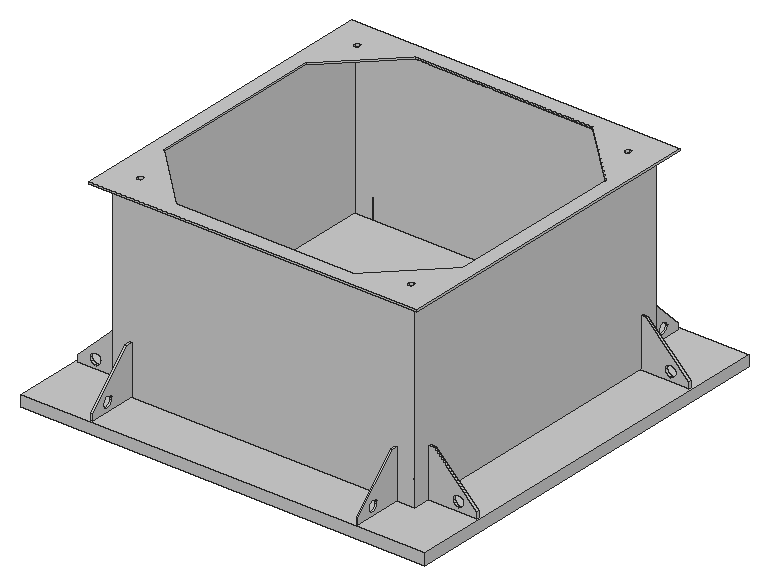
Revit family "СМ-ВО", category Арматура воздуховодов, Revit 2021
Family settings
  Размер круглого соединителя = Использовать диаметр
  Тип детали = Присоединяется
  На основе рабочей плоскости = Нет
  Всегда вертикально = Да
  При загрузке вырезать с полостями = Нет
  Общий = Нет
Parameters (values of type "СМ-ВО-0010-560/630")
  Фаска = D / 4  # 208.75 mm
  Отметка по умолчанию = 0 mm
  Косынка = Dy - 100 mm  # 730 mm
  Вес = "66.5 кг"
  Maintenance zone material = none
  Load Classification = "HVAC"
  Grid Material = Условный материал-отделка
  Dy = 830 mm
  D = Dy + 5 mm  # 835 mm
  Casing Material = Условный материал-отделка
  C = 1120 mm
  B = 910 mm
  A = 750 mm
  09_System_Name [instance] = ""
  00_20_Type = "СМ-ВО-0010-560/630"
  00_20_Name = "Монтажний стакан"
  00_20_Manufacturer = "Вентс"  # constant formula
Types (9, lengths in mm): name | Фаска | Косынка | Вес | Dy | D | C | B | A | 00_20_Type
  (no name) | 208.75 | 730 | "66.5 кг" | 830 | 835 | 1120 | 910 | 750 | "СМ-ВО-0010-560/630"
  СМ-ВО-0010-315/355 | 126.25 | 400 | "43.5 кг" | 500 | 505 | 800 | 590 | 480 | "СМ-ВО-0010-315/355"
  СМ-ВО-0010-400/450 | 151.25 | 500 | "51.5 кг" | 600 | 605 | 900 | 692 | 580 | "СМ-ВО-0010-400/450"
  СМ-ВО-0010-500 | 168.75 | 570 | "56 кг" | 670 | 675 | 970 | 760 | 640 | "СМ-ВО-0010-500"
  СМ-ВО-0010-560/630 | 208.75 | 730 | "66.5 кг" | 830 | 835 | 1120 | 910 | 750 | "СМ-ВО-0010-560/630"
  СМ-ВО-0010-710/800 | 263.75 | 950 | "83 кг" | 1050 | 1055 | 1350 | 1140 | 980 | "СМ-ВО-0010-710/800"
  СМ-ВО-0010-900 | 276.25 | 1000 | "88.5 кг" | 1100 | 1105 | 1420 | 1208 | 1050 | "СМ-ВО-0010-900"
  СМ-ВО-0010-1000/1120 | 351.25 | 1300 | "112 кг" | 1400 | 1405 | 1710 | 1498 | 1340 | "СМ-ВО-0010-1000/1120"
  СМ-ВО-0010-1250 | 401.25 | 1500 | "151 кг" | 1600 | 1605 | 1900 | 1688 | 1500 | "СМ-ВО-0010-1250"
Reference planes
  plane 1 "По центру (Вперед/Назад)": y = 0
  plane 2: z = 0
  plane 3 "По центру (Влево/Вправо)": x = 0
  plane 4: y = 375
  plane 5: y = -375
  plane 6: x = -375
  plane 7: x = 375
Forms (mm)
  Extrusion 1, solid, material "Условный материал-отделка" <- "Casing Material"
    sketch origin (0, 0, 0) x (1, 0, 0) y (0, 1, 0)
      loop
        line (-560, 560) -> (-560, -560) -> (560, -560) -> (560, 560) -> (-560, 560)
      loop
        line (-415, 415) -> (-415, -415) -> (415, -415) -> (415, 415) -> (-415, 415)
    from 0 to 30
  Extrusion 2, solid, material "Условный материал-отделка" <- "Casing Material"
    sketch origin (0, 0, 0) x (1, 0, 0) y (0, 1, 0)
      loop
        line (-417.5, 417.5) -> (-417.5, -417.5) -> (417.5, -417.5) -> (417.5, 417.5) -> (-417.5, 417.5)
      loop
        line (-415, 415) -> (-415, -415) -> (415, -415) -> (415, 415) -> (-415, 415)
    from 30 to 545
  Extrusion 3, solid, material "Условный материал-отделка" <- "Casing Material"
    sketch origin (0, 0, 0) x (1, 0, 0) y (0, 1, 0)
      loop
        line (-455, 455) -> (-455, -455) -> (455, -455) -> (455, 455) -> (-455, 455)
      loop
        line (-246.25, 415) -> (-415, 246.25) -> (-415, -246.25) -> (-246.25, -415) -> (246.25, -415) -> (415, -246.25) -> (415, 246.25) -> (246.25, 415) -> (-246.25, 415)
      loop
        circle (-375, 375) r 8
      loop
        circle (375, 375) r 8
      loop
        circle (375, -375) r 8
      loop
        circle (-375, -375) r 8
    from 545 to 550
  Extrusion 4, solid, material "Условный материал-отделка" <- "Casing Material"
    sketch origin (0, 0, 0) x (1, 0, 0) y (0, 0, 1)
      loop
        line (-552.5, 30) -> (-417.5, 30) -> (-417.5, 165) -> (-434.567, 165) -> (-552.5, 47.067) -> (-552.5, 30)
      loop
        circle (-502.5, 55) r 15
    from 365 to 370
  Extrusion 5, solid, material "Условный материал-отделка" <- "Casing Material"
    sketch origin (0, 0, 0) x (1, 0, 0) y (0, 0, -1)
      loop
        line (-552.5, -30) -> (-552.5, -47.067) -> (-434.567, -165) -> (-417.5, -165) -> (-417.5, -30) -> (-552.5, -30)
      loop
        circle (-502.5, -55) r 15
    from 365 to 370
  Extrusion 6, solid, material "Условный материал-отделка" <- "Casing Material"
    sketch origin (0, 0, 0) x (-1, 0, 0) y (0, 0, -1)
      loop
        line (-552.5, -30) -> (-552.5, -47.067) -> (-434.567, -165) -> (-417.5, -165) -> (-417.5, -30) -> (-552.5, -30)
      loop
        circle (-502.5, -55) r 15
    from 365 to 370
  Extrusion 7, solid, material "Условный материал-отделка" <- "Casing Material"
    sketch origin (0, 0, 0) x (-1, 0, 0) y (0, 0, 1)
      loop
        line (-552.5, 30) -> (-417.5, 30) -> (-417.5, 165) -> (-434.567, 165) -> (-552.5, 47.067) -> (-552.5, 30)
      loop
        circle (-502.5, 55) r 15
    from 365 to 370
  Extrusion 8, solid, material "Условный материал-отделка" <- "Casing Material"
    sketch origin (-349.138, 0, 0) x (0, -1, 0) y (0, 0, -1)
      loop
        line (-552.5, -30) -> (-552.5, -47.067) -> (-434.567, -165) -> (-417.5, -165) -> (-417.5, -30) -> (-552.5, -30)
      loop
        circle (-502.5, -55) r 15
    from -20.862 to -15.862
  Extrusion 9, solid, material "Условный материал-отделка" <- "Casing Material"
    sketch origin (-69.138, 0, 0) x (0, -1, 0) y (0, 0, -1)
      loop
        line (-552.5, -30) -> (-552.5, -47.067) -> (-434.567, -165) -> (-417.5, -165) -> (-417.5, -30) -> (-552.5, -30)
      loop
        circle (-502.5, -55) r 15
    from 434.138 to 439.138
  Extrusion 10, solid, material "Условный материал-отделка" <- "Casing Material"
    sketch origin (-349.138, 0, 0) x (0, 1, 0) y (0, 0, 1)
      loop
        line (-552.5, 30) -> (-417.5, 30) -> (-417.5, 165) -> (-434.567, 165) -> (-552.5, 47.067) -> (-552.5, 30)
      loop
        circle (-502.5, 55) r 15
    from -20.862 to -15.862
  Extrusion 11, solid, material "Условный материал-отделка" <- "Casing Material"
    sketch origin (-69.138, 0, 0) x (0, 1, 0) y (0, 0, 1)
      loop
        line (-552.5, 30) -> (-417.5, 30) -> (-417.5, 165) -> (-434.567, 165) -> (-552.5, 47.067) -> (-552.5, 30)
      loop
        circle (-502.5, 55) r 15
    from 434.138 to 439.138
  Extrusion 12, solid, material "Условный материал-отделка" <- "Casing Material"
    sketch origin (0, 0, 0) x (1, 0, 0) y (0, 1, 0)
      loop
        line (-415, 415) -> (-415, -415) -> (415, -415) -> (415, 415) -> (-415, 415)
    from 100 to 105
Dimensions and locks
  equal spacing: Extrusion 1 sketch curve, plane 3 "По центру (Влево/Вправо)", Extrusion 1 sketch curve  (x2)
  "C": Extrusion 1 sketch curve to Extrusion 1 sketch curve  (x2)
  equal spacing: Extrusion 1 sketch curve, plane 1 "По центру (Вперед/Назад)", Extrusion 1 sketch curve  (x2)
  equal spacing: Extrusion 2 sketch curve, plane 3 "По центру (Влево/Вправо)", Extrusion 2 sketch curve  (x2)
  equal spacing: Extrusion 2 sketch curve, plane 1 "По центру (Вперед/Назад)", Extrusion 2 sketch curve  (x2)
  "D": Extrusion 2 sketch curve to Extrusion 2 sketch curve  (x2)
  "Dy": Extrusion 2 sketch curve to Extrusion 2 sketch curve  (x2)
  "Dy": Extrusion 1 sketch curve to Extrusion 1 sketch curve  (x2)
  equal spacing: Extrusion 3 sketch curve, plane 1 "По центру (Вперед/Назад)", Extrusion 3 sketch curve
  "B": Extrusion 3 sketch curve to Extrusion 3 sketch curve  (x2)
  equal spacing: Extrusion 3 sketch curve, plane 3 "По центру (Влево/Вправо)", Extrusion 3 sketch curve
  "Фаска": Extrusion 3 sketch curve to Extrusion 3 sketch curve  (x8)
  equal spacing: plane 4, plane 1 "По центру (Вперед/Назад)", plane 5
  "A": plane 4 to plane 5
  equal spacing: plane 6, plane 3 "По центру (Влево/Вправо)", plane 7
  "A": plane 6 to plane 7
  equal spacing: Extrusion 4, plane 1 "По центру (Вперед/Назад)", Extrusion 5
  locked: Extrusion 5 to Extrusion 5 at 5
  locked: Extrusion 4 to Extrusion 4 at 5
  "Косынка": Extrusion 4 to Extrusion 5
  "Косынка": Extrusion 6 to Extrusion 7
  locked: Extrusion 7 to Extrusion 7 at 5
  locked: Extrusion 6 to Extrusion 6 at 5
  equal spacing: Extrusion 6, plane 1 "По центру (Вперед/Назад)", Extrusion 7
  locked: Extrusion 8 to Extrusion 8 at 5
  locked: Extrusion 9 to Extrusion 9 at 5
  equal spacing: Extrusion 8, plane 3 "По центру (Влево/Вправо)", Extrusion 9
  "Косынка": Extrusion 8 to Extrusion 9
  locked: Extrusion 10 to Extrusion 10 at 5
  locked: Extrusion 11 to Extrusion 11 at 5
  "Косынка": Extrusion 10 to Extrusion 11
  equal spacing: Extrusion 10, plane 3 "По центру (Влево/Вправо)", Extrusion 11
  equal spacing: Extrusion 12 sketch curve, plane 3 "По центру (Влево/Вправо)", Extrusion 12 sketch curve
  "Dy": Extrusion 12 sketch curve to Extrusion 12 sketch curve  (x2)
  equal spacing: Extrusion 12 sketch curve, plane 1 "По центру (Вперед/Назад)", Extrusion 12 sketch curve
  aligned and locked: level to plane 2
  aligned and locked: Extrusion 1 to Extrusion 3 sketch curve  (x4)
  aligned and locked: Extrusion 4 sketch curve to Extrusion 1
  aligned and locked: Extrusion 4 sketch curve to Extrusion 2
  aligned and locked: Extrusion 5 to Extrusion 2
  aligned and locked: Extrusion 5 to Extrusion 1
  aligned and locked: Extrusion 6 to Extrusion 2
  aligned and locked: Extrusion 6 to Extrusion 1
  aligned and locked: Extrusion 7 to Extrusion 1
  aligned and locked: Extrusion 7 to Extrusion 2
  aligned and locked: Extrusion 8 to Extrusion 2
  aligned and locked: Extrusion 8 to Extrusion 1
  aligned and locked: Extrusion 9 to Extrusion 1
  aligned and locked: Extrusion 9 to Extrusion 2
  aligned and locked: Extrusion 10 to Extrusion 2
  aligned and locked: Extrusion 10 to Extrusion 1
  aligned and locked: Extrusion 11 to Extrusion 1
  aligned and locked: Extrusion 11 to Extrusion 2
Automatic sketch dimensions
  Extrusion 4 sketch curve to Extrusion 4 sketch curve = 17.067 mm  (x2)
  Extrusion 4 sketch curve to Extrusion 4 sketch curve = 85 mm
  Extrusion 4 sketch curve to Extrusion 4 sketch curve = 50 mm
  Extrusion 4 sketch curve to Extrusion 4 sketch curve = 7.933 mm
  Extrusion 4 sketch curve to Extrusion 4 sketch curve = 135 mm
  level to Extrusion 5 sketch curve = 30 mm
  Extrusion 5 sketch curve to plane 3 "По центру (Влево/Вправо)" = 552.5 mm
  Extrusion 5 sketch curve to Extrusion 5 sketch curve = 50 mm
  Extrusion 5 sketch curve to Extrusion 5 sketch curve = 67.933 mm
  Extrusion 5 sketch curve to Extrusion 5 sketch curve = 85 mm
  Extrusion 5 sketch curve to Extrusion 5 sketch curve = 17.067 mm
  Extrusion 5 sketch curve to Extrusion 5 sketch curve = 7.933 mm
  Extrusion 5 sketch curve to Extrusion 5 sketch curve = 110 mm
  level to Extrusion 6 sketch curve = 30 mm
  plane 3 "По центру (Влево/Вправо)" to Extrusion 6 sketch curve = 552.5 mm
  Extrusion 6 sketch curve to Extrusion 6 sketch curve = 50 mm
  Extrusion 6 sketch curve to Extrusion 6 sketch curve = 67.933 mm
  Extrusion 6 sketch curve to Extrusion 6 sketch curve = 85 mm
  Extrusion 6 sketch curve to Extrusion 6 sketch curve = 17.067 mm
  Extrusion 6 sketch curve to Extrusion 6 sketch curve = 7.933 mm
  Extrusion 6 sketch curve to Extrusion 6 sketch curve = 110 mm
  level to Extrusion 7 sketch curve = 30 mm
  plane 3 "По центру (Влево/Вправо)" to Extrusion 7 sketch curve = 552.5 mm
  Extrusion 7 sketch curve to Extrusion 7 sketch curve = 50 mm
  Extrusion 7 sketch curve to Extrusion 7 sketch curve = 67.933 mm
  Extrusion 7 sketch curve to Extrusion 7 sketch curve = 85 mm
  Extrusion 7 sketch curve to Extrusion 7 sketch curve = 17.067 mm
  Extrusion 7 sketch curve to Extrusion 7 sketch curve = 7.933 mm
  Extrusion 7 sketch curve to Extrusion 7 sketch curve = 135 mm
  level to Extrusion 8 sketch curve = 30 mm
  Extrusion 8 sketch curve to plane 1 "По центру (Вперед/Назад)" = 552.5 mm
  Extrusion 8 sketch curve to Extrusion 8 sketch curve = 50 mm
  Extrusion 8 sketch curve to Extrusion 8 sketch curve = 67.933 mm
  Extrusion 8 sketch curve to Extrusion 8 sketch curve = 85 mm
  Extrusion 8 sketch curve to Extrusion 8 sketch curve = 17.067 mm
  Extrusion 8 sketch curve to Extrusion 8 sketch curve = 7.933 mm
  Extrusion 8 sketch curve to Extrusion 8 sketch curve = 110 mm
  level to Extrusion 9 sketch curve = 30 mm
  Extrusion 9 sketch curve to plane 1 "По центру (Вперед/Назад)" = 552.5 mm
  Extrusion 9 sketch curve to Extrusion 9 sketch curve = 50 mm
  Extrusion 9 sketch curve to Extrusion 9 sketch curve = 67.933 mm
  Extrusion 9 sketch curve to Extrusion 9 sketch curve = 85 mm
  Extrusion 9 sketch curve to Extrusion 9 sketch curve = 17.067 mm
  Extrusion 9 sketch curve to Extrusion 9 sketch curve = 7.933 mm
  Extrusion 9 sketch curve to Extrusion 9 sketch curve = 110 mm
  level to Extrusion 10 sketch curve = 30 mm
  plane 1 "По центру (Вперед/Назад)" to Extrusion 10 sketch curve = 552.5 mm
  Extrusion 10 sketch curve to Extrusion 10 sketch curve = 50 mm
  Extrusion 10 sketch curve to Extrusion 10 sketch curve = 67.933 mm
  Extrusion 10 sketch curve to Extrusion 10 sketch curve = 85 mm
  Extrusion 10 sketch curve to Extrusion 10 sketch curve = 17.067 mm
  Extrusion 10 sketch curve to Extrusion 10 sketch curve = 7.933 mm
  Extrusion 10 sketch curve to Extrusion 10 sketch curve = 135 mm
  level to Extrusion 11 sketch curve = 30 mm
  plane 1 "По центру (Вперед/Назад)" to Extrusion 11 sketch curve = 552.5 mm
  Extrusion 11 sketch curve to Extrusion 11 sketch curve = 50 mm
  Extrusion 11 sketch curve to Extrusion 11 sketch curve = 67.933 mm
  Extrusion 11 sketch curve to Extrusion 11 sketch curve = 85 mm
  Extrusion 11 sketch curve to Extrusion 11 sketch curve = 17.067 mm
  Extrusion 11 sketch curve to Extrusion 11 sketch curve = 7.933 mm
  Extrusion 11 sketch curve to Extrusion 11 sketch curve = 135 mm
  Extrusion 3 sketch curve to plane 5 = 0 mm  (x2)
  Extrusion 3 sketch curve to plane 6 = 0 mm  (x2)
  Extrusion 3 sketch curve to plane 4 = 0 mm  (x2)
  Extrusion 3 sketch curve to plane 7 = 0 mm  (x2)
  radius of Extrusion 4 sketch curve = 15 mm
  radius of Extrusion 5 sketch curve = 15 mm
  radius of Extrusion 6 sketch curve = 15 mm
  radius of Extrusion 7 sketch curve = 15 mm
  radius of Extrusion 8 sketch curve = 15 mm
  radius of Extrusion 9 sketch curve = 15 mm
  radius of Extrusion 10 sketch curve = 15 mm
  radius of Extrusion 11 sketch curve = 15 mm
  radius of Extrusion 3 sketch curve = 8 mm  (x4)
Connectors
  hvac at (0, 0, 0), driven by "Dy", driven by "Dy"
    settings: on Extrusion 1, index 1, duct flow 0.0 L/s, flow factor 0, pres drop 0.0 Pa, loss coef 0, conn angle 0.00°, conn width 830 mm, conn height 830 mm, conn diameter 609.6 mm, duct sys type 1, conn prof type 1, flow config 0, flow direction 0, loss method 0, conn ref index -1, conn util no, is conn primary yes, conn desc ""
